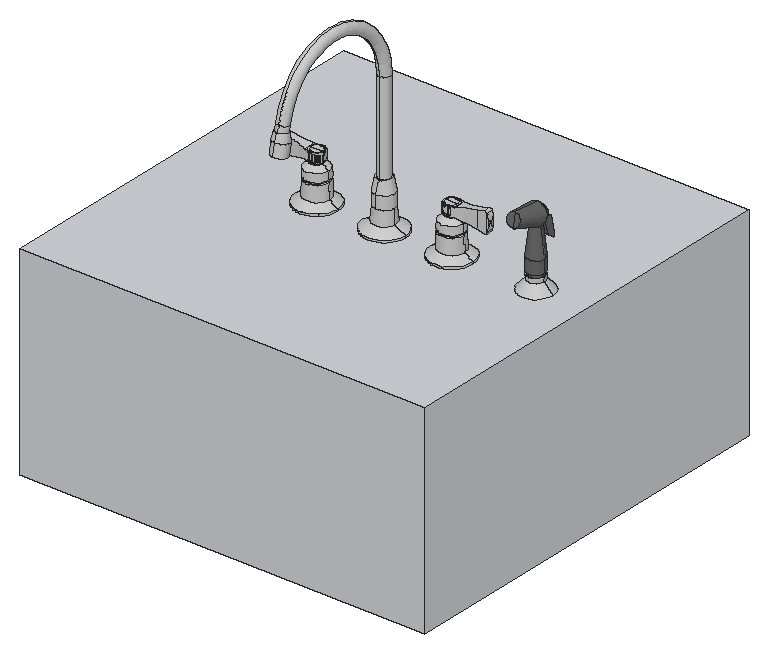
Revit family
Parameters
  Width = 14.5"
  Waste Connection = no
  WFU = 0
  Vent Connection = no
  URL = "www.moencommercial.com"
  Sprayer Offset from Center = 9"
  Model = "8242"
  Manufacturer = "Moen"
  Length = 9.5"
  Keynote = "15410"
  Hot Water Connection Diameter = 0.5"  # 1/2"
  Height = 12.5"
  Handle Type = "2-1/2\" Lever handles with hot and cold color indicators"
  HWFU = 1
  Finish = Moen-Chrome
  Faucet Spout Reach = 8"
  Faucet Spout Height = 7.5"
  Drain Type = "None"
  Domestic Water Flow Rate = 2.2 GPM
  Documentation Link = "http://www.moen.com/shared/pdf/commercial/8242sp.pdf"
  Description = "Two-Handle Kitchen Faucet with Side Spray"
  Default Elevation = 48"
  Cold Water Connection Diameter = 0.5"  # 1/2"
  CWFU = 1
  Assembly Code = "D2010400"
  ADA Compliant = yes
Reference planes (in)
  plane 1 "Center (Front/Back)": y = 0
  plane 2: z = 0
  plane 3 "Center (Left/Right)": x = 0
  plane 4: x = -4
  plane 5: x = 4
  plane 6: x = -7.25
  plane 7: x = 7.25
  plane 8: z = 12.5
  plane 9 "Sprayer Offset": x = 9
Forms (in)
  Extrusion 1, solid
    sketch origin (0, 0, 0) x (1, 0, 0) y (0, 1, 0)
      loop
        line (-12, 12) -> (-12, -12) -> (12, -12) -> (12, 12) -> (-12, 12)
    from 0 to -12
Lines and regions (in)
  Masking region 1
    outline origin (0, 0, 0) x (1, 0, 0) y (0, 1, 0)
      loop
        line (-0.335, -1.20427) -> (-0.335, -7.50378)
        spline (-0.335, -7.50378) -> (-0.42311, -7.64878) -> (-0.44971, -7.81572) -> (-0.41092, -7.98032) -> (-0.31239, -8.11866) -> (-0.16844, -8.21062) -> (0, -8.24284) -> (0.16844, -8.21062) -> (0.31239, -8.11866) -> (0.41092, -7.98032) -> (0.44971, -7.81572) -> (0.42311, -7.64878) -> (0.335, -7.50378)
        line (0.335, -7.50378) -> (0.335, -1.20427)
        arc (0.335, -1.20427) -> (0, 1.25) -> (-0.335, -1.20427) r 1.25
  Masking region 2
    outline origin (-1.50161, 0.00321, 0) x (1, 0, 0) y (0, 1, 0)
      loop
        arc (11.00594, -0.86257) -> (10.5, 1) -> (9.99406, -0.86257) r 1
        line (9.99406, -0.86257) -> (10.1, -1.65643)
        spline (10.1, -1.65643) -> (10.10342, -1.66817) -> (10.11363, -1.67972) -> (10.13045, -1.69086) -> (10.15359, -1.70142) -> (10.18266, -1.71121) -> (10.21716, -1.72005) -> (10.2565, -1.72782) -> (10.3, -1.73435) -> (10.34693, -1.73956) -> (10.39647, -1.74334) -> (10.44779, -1.74564) -> (10.5, -1.74641)
        spline (10.5, -1.74641) -> (10.55221, -1.74564) -> (10.60353, -1.74334) -> (10.65307, -1.73956) -> (10.7, -1.73435) -> (10.7435, -1.72782) -> (10.78284, -1.72005) -> (10.81734, -1.71121) -> (10.84641, -1.70142) -> (10.86955, -1.69086) -> (10.88637, -1.67972) -> (10.89658, -1.66817) -> (10.9, -1.65643)
        line (10.9, -1.65643) -> (11.00594, -0.86257)
  Masking region 3
    outline origin (0, 0, 0) x (1, 0, 0) y (0, 1, 0)
      loop
        arc (-5.23349, 0.20252) -> (-5.43244, 0.19089) -> (-5.63169, 0.18701) r 5.12023
        line (-5.63169, 0.18701) -> (-6.30804, 0.18701) -> (-6.30804, -0.18701) -> (-5.63169, -0.18701)
        arc (-5.63169, -0.18701) -> (-5.43244, -0.19089) -> (-5.23349, -0.20252) r 5.12023
        arc (-5.23349, -0.20252) -> (-2.75, 0) -> (-5.23349, 0.20252) r 1.25
      loop
        spline (5.23342, -0.2029) -> (5.26655, -0.20036) -> (5.29969, -0.19804) -> (5.33285, -0.19595) -> (5.36602, -0.19407) -> (5.39921, -0.19242) -> (5.4324, -0.19098) -> (5.4656, -0.18977) -> (5.49881, -0.18877) -> (5.53203, -0.188) -> (5.56525, -0.18745) -> (5.59847, -0.18712) -> (5.63169, -0.18701)
        line (5.63169, -0.18701) -> (6.2294, -0.18701)
        arc (6.2294, -0.18701) -> (6.2836, -0.16538) -> (6.30804, -0.11239) r 0.07874
        line (6.30804, -0.11239) -> (6.31069, -0.06181)
        arc (6.31069, -0.06181) -> (6.31231, 0) -> (6.31069, 0.06181) r 1.1811
        line (6.31069, 0.06181) -> (6.30804, 0.11239)
        arc (6.30804, 0.11239) -> (6.2836, 0.16538) -> (6.2294, 0.18701) r 0.07874
        line (6.2294, 0.18701) -> (5.63169, 0.18701)
        spline (5.63169, 0.18701) -> (5.59847, 0.18712) -> (5.56525, 0.18745) -> (5.53203, 0.188) -> (5.49881, 0.18877) -> (5.4656, 0.18977) -> (5.4324, 0.19098) -> (5.39921, 0.19242) -> (5.36602, 0.19407) -> (5.33285, 0.19595) -> (5.29969, 0.19804) -> (5.26655, 0.20036) -> (5.23342, 0.2029)
        arc (5.23342, 0.2029) -> (2.75, 0) -> (5.23342, -0.2029) r 1.25
  symbolic lines
    curve 1: arc (-4.17173, -0.39956, 0) -> (-4.14156, -0.41247, 0) -> (-4.11149, -0.42564, 0) r 3.79721
    curve 2: arc (0.335, -0.55702, 0) -> (0, 0.65, 0) -> (-0.335, -0.55702, 0) r 0.65
    curve 3: arc (-0.335, 0, 0) -> (0, 0.335, 0) -> (0.335, 0, 0) r 0.335
    curve 4: spline (-0.335, -7.5913, 0) -> (-0.32359, -7.67668, 0) -> (-0.29012, -7.75625, 0) -> (-0.23688, -7.82458, 0) -> (-0.1675, -7.87701, 0) -> (-0.0867, -7.90997, 0) -> (0, -7.92121, 0) -> (0.0867, -7.90997, 0) -> (0.1675, -7.87701, 0) -> (0.23688, -7.82458, 0) -> (0.29012, -7.75625, 0) -> (0.32359, -7.67668, 0) -> (0.335, -7.5913, 0)
    curve 5: line (-0.335, 0, 0) -> (-0.335, -1.20427, 0)
    curve 6: line (-0.335, -7.5913, 0) -> (-0.335, -7.50378, 0)
    curve 7: line (0.335, 0, 0) -> (0.335, -1.20427, 0)
    curve 8: line (0.335, -7.5913, 0) -> (0.335, -7.50378, 0)
    curve 9: line (8.49244, -0.85936, 0) -> (8.37732, 0.01299, 0)
    curve 10: line (8.37732, 0.01299, 0) -> (8.5349, 0.2817, 0)
    curve 11: line (8.5349, 0.09585, 0) -> (8.5349, 0.78321, 0)
    curve 12: line (8.5349, 0.78321, 0) -> (9.46187, 0.78321, 0)
    curve 13: line (9.50433, -0.85936, 0) -> (9.61946, 0.01299, 0)
    curve 14: line (9.61946, 0.01299, 0) -> (9.46187, 0.2817, 0)
    curve 15: line (9.46187, 0.09585, 0) -> (9.46187, 0.78321, 0)
    curve 16: spline (8.37842, 0.00464, 0) -> (8.40091, 0.04046, 0) -> (8.46359, 0.07377, 0) -> (8.56224, 0.10234, 0) -> (8.69023, 0.12423, 0) -> (8.83894, 0.13799, 0) -> (8.99839, 0.14268, 0) -> (9.15783, 0.13799, 0) -> (9.30654, 0.12423, 0) -> (9.43453, 0.10234, 0) -> (9.53318, 0.07377, 0) -> (9.59586, 0.04046, 0) -> (9.61835, 0.00464, 0)
    curve 17: line (8.5349, 0.49793, 0) -> (9.46187, 0.49793, 0)
    curve 18: line (9.46187, 0.39321, 0) -> (8.5349, 0.39321, 0)
    curve 19: arc (-5.63169, 0.18701, 0) -> (-4.84011, 0.24857, 0) -> (-4.06756, 0.43176, 0) r 5.12023
    curve 20: arc (-5.63169, -0.18701, 0) -> (-4.84011, -0.24857, 0) -> (-4.06756, -0.43176, 0) r 5.12023
    curve 21: arc (-4.06756, -0.43176, 0) -> (-3.56298, 0, 0) -> (-4.06756, 0.43176, 0) r 0.43702
    curve 22: arc (-4.69865, 0.27274, 0) -> (-3.25, 0, 0) -> (-4.69865, -0.27274, 0) r 0.75
    curve 23: spline (5.63169, 0.18701, 0) -> (5.50472, 0.18862, 0) -> (5.37783, 0.19346, 0) -> (5.2511, 0.20151, 0) -> (5.12461, 0.21279, 0) -> (4.99846, 0.22727, 0) -> (4.87271, 0.24495, 0) -> (4.74745, 0.26582, 0) -> (4.62276, 0.28986, 0) -> (4.49872, 0.31706, 0) -> (4.37542, 0.3474, 0) -> (4.25292, 0.38087, 0) -> (4.13131, 0.41743, 0)
    curve 24: spline (4.13131, -0.41743, 0) -> (4.25292, -0.38087, 0) -> (4.37542, -0.3474, 0) -> (4.49872, -0.31706, 0) -> (4.62276, -0.28986, 0) -> (4.74745, -0.26582, 0) -> (4.87271, -0.24495, 0) -> (4.99846, -0.22727, 0) -> (5.12461, -0.21279, 0) -> (5.2511, -0.20151, 0) -> (5.37783, -0.19346, 0) -> (5.50472, -0.18862, 0) -> (5.63169, -0.18701, 0)
    curve 25: arc (4.13131, 0.41743, 0) -> (3.5624, 0, 0) -> (4.13131, -0.41743, 0) r 0.4376
    curve 26: arc (4.69528, -0.28121, 0) -> (3.25, 0.0002, 0) -> (4.69543, 0.28085, 0) r 0.75
Text (in)
  text "Heigth and Width Parameters do not control Model geometry.  If you need to change the size of the model, select the correct model number." at (9.86064, 0, 13.37682), in view "Front"
Dimensions and locks (in)
  locked: plane 4 to plane 3 "Center (Left/Right)" at 4
  locked: plane 5 to plane 3 "Center (Left/Right)" at 4
  equal spacing: plane 7, plane 3 "Center (Left/Right)", plane 6
  "Width": plane 7 to plane 6
  "Height": plane 8 to plane 2
  "Sprayer Offset from Center": plane 3 "Center (Left/Right)" to plane 9 "Sprayer Offset"
  aligned and locked: plane 2 to Extrusion 1
  aligned and locked: level to Extrusion 1
  aligned and locked: plane 9 "Sprayer Offset" to nested 7
  aligned and locked: plane 1 "Center (Front/Back)" to nested 7
Automatic sketch dimensions
  Extrusion 1 sketch curve to Extrusion 1 sketch curve = 24"  (x2)
  Masking region 1 sketch curve to plane 3 "Center (Left/Right)" = 0"  (x2)
  Masking region 1 sketch curve to plane 3 "Center (Left/Right)" = 0.335"
  plane 3 "Center (Left/Right)" to Masking region 1 sketch curve = 0.335"
  Masking region 1 sketch curve to Masking region 1 sketch curve = 0.115"
  Masking region 1 sketch curve to Masking region 1 sketch curve = 6.29951"
  Masking region 1 sketch curve to Masking region 1 sketch curve = 0.29589"
  plane 1 "Center (Front/Back)" to Masking region 1 sketch curve = 0"
  plane 1 "Center (Front/Back)" to Masking region 1 sketch curve = 1.20427"
  Masking region 2 sketch curve to plane 9 "Sprayer Offset" = 0.50756"
  Masking region 2 sketch curve to plane 9 "Sprayer Offset" = 0.40161"
  Masking region 2 sketch curve to plane 9 "Sprayer Offset" = 0.00161"  (x2)
  Masking region 2 sketch curve to plane 1 "Center (Front/Back)" = 0.00321"
  Masking region 2 sketch curve to Masking region 2 sketch curve = 0"  (x2)
  plane 9 "Sprayer Offset" to Masking region 2 sketch curve = 0.50433"
  plane 1 "Center (Front/Back)" to Masking region 2 sketch curve = 0.85936"
  Masking region 2 sketch curve to Masking region 2 sketch curve = 0.79386"
  Masking region 2 sketch curve to Masking region 2 sketch curve = 0.08998"
  Masking region 3 sketch curve to plane 1 "Center (Front/Back)" = 0.20252"
  Masking region 3 sketch curve to plane 4 = 0"
  plane 1 "Center (Front/Back)" to Masking region 3 sketch curve = 0"  (x3)
  Masking region 3 sketch curve to plane 5 = 0"
  Masking region 3 sketch curve to plane 4 = 1.23349"
  plane 1 "Center (Front/Back)" to Masking region 3 sketch curve = 0.18701"  (x2)
  Masking region 3 sketch curve to Masking region 3 sketch curve = 0"  (x6)
  Masking region 3 sketch curve to Masking region 3 sketch curve = 0.67634"
  plane 3 "Center (Left/Right)" to Masking region 3 sketch curve = 0.65821"
  plane 3 "Center (Left/Right)" to Masking region 3 sketch curve = 0.65881"
  Masking region 3 sketch curve to Masking region 3 sketch curve = 1.1312"
  Masking region 3 sketch curve to Masking region 3 sketch curve = 0.10222"  (x2)
  Masking region 3 sketch curve to plane 1 "Center (Front/Back)" = 0.2029"
  plane 7 to Masking region 3 sketch curve = 1.6185"
  plane 7 to Masking region 3 sketch curve = 1.61849"
  Masking region 3 sketch curve to Masking region 3 sketch curve = 0.39827"
  Masking region 3 sketch curve to plane 1 "Center (Front/Back)" = 0.18701"  (x2)
  Masking region 3 sketch curve to Masking region 3 sketch curve = 0.59771"
  Masking region 3 sketch curve to plane 1 "Center (Front/Back)" = 0.10827"
  Masking region 3 sketch curve to Masking region 3 sketch curve = 0.07863"  (x2)
  Masking region 3 sketch curve to plane 1 "Center (Front/Back)" = 0.06181"
  Masking region 3 sketch curve to Masking region 3 sketch curve = 0.00265"  (x2)
  plane 1 "Center (Front/Back)" to Masking region 3 sketch curve = 0.20252"
  Masking region 3 sketch curve to Masking region 3 sketch curve = 4.98219"
  Masking region 3 sketch curve to Masking region 3 sketch curve = 0.05057"
  Masking region 3 sketch curve to Masking region 3 sketch curve = 0.39821"
  curve 2 to curve 3 = 0"  (x2)
  curve 21 to curve 22 = 0"  (x2)
  plane 1 "Center (Front/Back)" to curve 21 = 0"
  curve 21 to plane 4 = 0"
  plane 1 "Center (Front/Back)" to curve 3 = 0"
  curve 3 to plane 3 "Center (Left/Right)" = 0"
  curve 4 to plane 3 "Center (Left/Right)" = 0"
  plane 1 "Center (Front/Back)" to curve 26 = 0"
  curve 26 to plane 5 = 0"
  plane 1 "Center (Front/Back)" to curve 25 = 0"
  curve 21 to plane 4 = 0.06756"
  curve 19 to plane 4 = 0.06756"
  curve 1 to curve 21 = 0.04393"
  curve 1 to curve 1 = 0.06024"
  curve 22 to curve 1 = 0.52692"
  curve 22 to plane 1 "Center (Front/Back)" = 0.27274"
  curve 22 to curve 22 = 0"
  plane 6 to curve 19 = 1.61831"
  curve 20 to curve 19 = 0"
  curve 1 to curve 20 = 0.01831"
  curve 6 to plane 3 "Center (Left/Right)" = 0.335"
  curve 5 to plane 3 "Center (Left/Right)" = 0.335"
  plane 3 "Center (Left/Right)" to curve 23 = 0.65821"
  plane 3 "Center (Left/Right)" to curve 24 = 0.65881"
  plane 5 to curve 25 = 0"
  plane 5 to curve 24 = 0.13131"
  plane 5 to curve 25 = 0.13131"
  plane 1 "Center (Front/Back)" to curve 26 = 0.28121"
  curve 24 to curve 26 = 0.56397"
  curve 26 to plane 1 "Center (Front/Back)" = 0.28085"
  plane 7 to curve 24 = 1.6185"
  plane 7 to curve 23 = 1.61849"
  curve 23 to plane 1 "Center (Front/Back)" = 0.18701"
  curve 26 to curve 23 = 0.93626"
  curve 24 to curve 23 = 0"
  curve 9 to plane 1 "Center (Front/Back)" = 0.01299"
  curve 9 to plane 9 "Sprayer Offset" = 0.62268"
  curve 16 to plane 1 "Center (Front/Back)" = 0.00464"  (x2)
  curve 9 to curve 16 = 0.0011"
  curve 9 to plane 9 "Sprayer Offset" = 0.50756"
  curve 11 to plane 9 "Sprayer Offset" = 0.4651"
  curve 16 to plane 9 "Sprayer Offset" = 0.00161"
  curve 15 to plane 1 "Center (Front/Back)" = 0.09585"
  plane 9 "Sprayer Offset" to curve 15 = 0.46187"
  plane 9 "Sprayer Offset" to curve 13 = 0.50433"
  curve 16 to curve 16 = 0.00003"
  curve 14 to plane 1 "Center (Front/Back)" = 0.01299"
  curve 16 to curve 14 = 0.0011"
  plane 1 "Center (Front/Back)" to curve 24 = 5.69771"
  curve 8 to curve 24 = 1.80607"
  curve 6 to curve 8 = 0"
  curve 8 to curve 8 = 0.08752"
  curve 20 to curve 1 = 1.41003"
  curve 7 to curve 3 = 1.20427"
  curve 5 to curve 7 = 0"
  curve 2 to curve 3 = 0.55702"
  plane 1 "Center (Front/Back)" to curve 24 = 0.41743"
  curve 19 to plane 1 "Center (Front/Back)" = 0.18701"
  curve 11 to curve 10 = 0.18585"
  curve 15 to curve 14 = 0.18585"
  curve 10 to curve 18 = 0.11151"
  curve 18 to curve 17 = 0.10472"
  curve 17 to curve 12 = 0.28528"
Nested families (in)
  nested 1: "Tapered Stand-alone Service Connection" at (-4, 0, 0), type "Tapered Stand-alone Service Connection"
  nested 2: "Tapered Stand-alone Service Connection" at (4, 0, 0), type "Tapered Stand-alone Service Connection"
  nested 3: "Lever Handle - Hot" at (-4, 0, 2.07), type "Lever Handle - Hot"
  nested 4: "Lever Handle - Cold" at (4, 0, 2.07), type "Lever Handle - Cold"
  nested 5: "Widespread Spout Base" at (0, 0, 0), type "Widespread Spout Base"
    with Finish Moen-Chrome
  nested 6: "Gooseneck Spout-S0050" at (0, 0, 1.35) x (0, -1, 0) z (0, 0, 1), Finish <- "Finish", type "Gooseneck Spout-S0050"
    with Finish Moen-Chrome
  nested 7: "Sprayer" at (9, 0, 0), type "Sprayer"
    with Finish Moen-Chrome
Connectors (in)
  piping at (4, 0, -3.3), driven by "Domestic Water Flow Rate"
    settings: on nested 2, index 1
  piping at (-4, 0, -3.3), driven by "Domestic Water Flow Rate"
    settings: on nested 1, index 2
Definition of nested family "Tapered Stand-alone Service Connection"
  Parameters (values of type "Tapered Stand-alone Service Connection")
    Finish [instance] = Moen-Chrome
    Assembly Code = ""
  Reference planes (in)
    plane 1 "Center (Front/Back)": y = 0
    plane 2: z = 0
    plane 3 "Center (Left/Right)": x = 0
  Forms (in)
    Revolve 1, solid, material "Moen-Chrome" <- "Finish"
      sketch origin (0, 0, 0) x (1, 0, 0) y (0, 0, 1)
        loop
          line (0, 0) -> (0, 2.2) -> (-0.375, 2.2) -> (-0.7, 1.95) -> (-0.71625, 1.46247) -> (-0.68019, 1.4) -> (-0.72067, 1.32988) -> (-0.75, 0.45) -> (-1.25, 0.1) -> (-1.25, 0) -> (0, 0)
        axis (0, 2.2) -> (0, 0)
      angle from 0 to 360
    Extrusion 2, solid, material "Default"
      sketch origin (0, 0, 0) x (1, 0, 0) y (0, 1, 0)
        loop
          circle (0, 0) r 0.375
      from 0 to -3.3
  Dimensions and locks (in)
    aligned and locked: Revolve 1 sketch curve to plane 3 "Center (Left/Right)"
Definition of nested family "Lever Handle - Hot"
  Parameters (values of type "Lever Handle - Hot")
    Finish [instance] = Moen-Chrome
    Assembly Code = ""
  Reference planes (in)
    plane 1 "Center (Front/Back)": y = 0
    plane 2: z = 0
    plane 3 "Center (Left/Right)": x = 0
    plane 4: z = 0.81181
    plane 5: z = 0.25324
  Forms (in)
    Revolve 1, solid, material "Moen-Chrome" <- "Finish"
      sketch origin (0, 0, 0) x (1, 0, 0) y (0, 0, 1)
        loop
          line (0.4376, 0.33036) -> (0.4376, 0.73307)
          arc (0.4376, 0.73307) -> (0.41454, 0.78875) -> (0.35886, 0.81181) r 0.07874
          line (0.35886, 0.81181) -> (0, 0.81181) -> (0, 0) -> (0.25935, 0)
          arc (0.25935, 0) -> (0.27327, 0.00577) -> (0.27904, 0.01969) r 0.01969
          line (0.27904, 0.01969) -> (0.27904, 0.2319)
          arc (0.27904, 0.2319) -> (0.2848, 0.24585) -> (0.29875, 0.25162) r 0.01969
          line (0.29875, 0.25162) -> (0.35886, 0.25162)
          arc (0.35886, 0.25162) -> (0.41454, 0.27468) -> (0.4376, 0.33036) r 0.07874
        axis (0, 0.81181) -> (0, 0)
      angle from 0 to 360
    Extrusion 2, solid, material "Moen-Chrome" <- "Finish"
      sketch origin (0, 0, 0) x (1, 0, 0) y (0, 1, 0)
        loop
          arc (-2.2294, 0.18701) -> (-2.2836, 0.16538) -> (-2.30804, 0.11239) r 0.07874
          line (-2.30804, 0.11239) -> (-2.31069, 0.06181)
          arc (-2.31069, 0.06181) -> (-2.31231, 0) -> (-2.31069, -0.06181) r 1.1811
          line (-2.31069, -0.06181) -> (-2.30804, -0.11239)
          arc (-2.30804, -0.11239) -> (-2.2836, -0.16538) -> (-2.2294, -0.18701) r 0.07874
          line (-2.2294, -0.18701) -> (-1.63169, -0.18701)
          spline (-1.63169, -0.18701) -> (-1.50472, -0.18862) -> (-1.37783, -0.19346) -> (-1.2511, -0.20151) -> (-1.12461, -0.21279) -> (-0.99846, -0.22727) -> (-0.87271, -0.24495) -> (-0.74745, -0.26582) -> (-0.62276, -0.28986) -> (-0.49872, -0.31706) -> (-0.37542, -0.3474) -> (-0.25292, -0.38087) -> (-0.13131, -0.41743)
          arc (-0.13131, -0.41743) -> (0.4376, 0) -> (-0.13131, 0.41743) r 0.4376
          spline (-0.13131, 0.41743) -> (-0.25292, 0.38087) -> (-0.37542, 0.3474) -> (-0.49872, 0.31706) -> (-0.62276, 0.28986) -> (-0.74745, 0.26582) -> (-0.87271, 0.24495) -> (-0.99846, 0.22727) -> (-1.12461, 0.21279) -> (-1.2511, 0.20151) -> (-1.37783, 0.19346) -> (-1.50472, 0.18862) -> (-1.6317, 0.18701)
          line (-1.6317, 0.18701) -> (-2.2294, 0.18701)
      from -0.125 to 1.30209
    Extrusion 3, void
      sketch origin (0, 0, 0) x (1, 0, 0) y (0, 0, 1)
        loop
          line (-0.45, 0.81181) -> (-2.10396, 1.12799)
          arc (-2.10396, 1.12799) -> (-2.19114, 1.11403) -> (-2.24432, 1.04356) r 0.11819
          arc (-2.24432, 1.04356) -> (-2.31231, 0.53177) -> (-2.24477, 0.01992) r 1.96688
          arc (-2.24477, 0.01992) -> (-2.19341, -0.04949) -> (-2.10854, -0.0654) r 0.11811
          line (-2.10854, -0.0654) -> (-0.45015, 0.25162) -> (0.35886, 0.25162)
          arc (0.35886, 0.25162) -> (0.41454, 0.27468) -> (0.4376, 0.33036) r 0.07874
          line (0.4376, 0.33036) -> (0.4376, 0.73307)
          arc (0.4376, 0.73307) -> (0.41454, 0.78875) -> (0.35886, 0.81181) r 0.07874
          line (0.35886, 0.81181) -> (-0.45, 0.81181)
        loop
          line (-2.69445, 1.52902) -> (-2.69445, -0.44662) -> (0.68414, -0.44662) -> (0.68414, 1.52902) -> (-2.69445, 1.52902)
      from -1.39793 to 1.33238
  Cuts and joins
    Extrusion 3 cuts Extrusion 2
  Lines and regions (in)
    Split face 1
      outline origin (-2.2294, -0.18701, 1.30209) x (0, 0, -1) y (1, 0, 0)
        loop
          circle (0.77119, 0.29147) r 0.25
    Split face 2
      outline origin (-2.2294, -0.18701, 1.30209) x (0, 0, -1) y (1, 0, 0)
        loop
          line (0.61118, 0.16398) -> (0.92368, 0.16398) -> (0.92368, 0.22406) -> (0.79959, 0.22406) -> (0.79959, 0.35889) -> (0.92368, 0.35889) -> (0.92368, 0.4183) -> (0.61118, 0.4183) -> (0.61118, 0.35889) -> (0.74419, 0.35889) -> (0.74419, 0.22406) -> (0.61118, 0.22406) -> (0.61118, 0.16398)
    symbolic lines
      curve 1: line (-2.30804, 0.18701, 0) -> (-2.30804, -0.18701, 0)
      curve 2: line (-2.30804, -0.18701, 0) -> (-1.63169, -0.18701, 0)
      curve 3: line (-1.63169, 0.18701, 0) -> (-2.30804, 0.18701, 0)
      curve 4: arc (-1.63169, -0.18701, 0) -> (-0.84011, -0.24857, 0) -> (-0.06756, -0.43176, 0) r 5.12023
      curve 5: arc (-1.63169, 0.18701, 0) -> (-0.84011, 0.24857, 0) -> (-0.06756, 0.43176, 0) r 5.12023
      curve 6: arc (-0.06756, -0.43176, 0) -> (0.43702, 0, 0) -> (-0.06756, 0.43176, 0) r 0.43702
Definition of nested family "Lever Handle - Cold"
  Parameters (values of type "Lever Handle - Cold")
    Finish [instance] = Moen-Chrome
    Assembly Code = ""
  Reference planes (in)
    plane 1 "Center (Front/Back)": y = 0
    plane 2: z = 0
    plane 3 "Center (Left/Right)": x = 0
    plane 4: z = 0.81181
    plane 5: z = 0.25324
  Forms (in)
    Revolve 1, solid, material "Moen-Chrome" <- "Finish"
      sketch origin (0, 0, 0) x (-1, 0, 0) y (0, 0, 1)
        loop
          line (0.4376, 0.33036) -> (0.4376, 0.73307)
          arc (0.4376, 0.73307) -> (0.41454, 0.78875) -> (0.35886, 0.81181) r 0.07874
          line (0.35886, 0.81181) -> (0, 0.81181) -> (0, 0) -> (0.25935, 0)
          arc (0.25935, 0) -> (0.27327, 0.00577) -> (0.27904, 0.01969) r 0.01969
          line (0.27904, 0.01969) -> (0.27904, 0.2319)
          arc (0.27904, 0.2319) -> (0.2848, 0.24585) -> (0.29875, 0.25162) r 0.01969
          line (0.29875, 0.25162) -> (0.35886, 0.25162)
          arc (0.35886, 0.25162) -> (0.41454, 0.27468) -> (0.4376, 0.33036) r 0.07874
        axis (0, 0.81181) -> (0, 0)
      angle from 0 to 360
    Extrusion 2, solid, material "Moen-Chrome" <- "Finish"
      sketch origin (0, 0, 0) x (-1, 0, 0) y (0, -1, 0)
        loop
          arc (-2.2294, 0.18701) -> (-2.2836, 0.16538) -> (-2.30804, 0.11239) r 0.07874
          line (-2.30804, 0.11239) -> (-2.31069, 0.06181)
          arc (-2.31069, 0.06181) -> (-2.31231, 0) -> (-2.31069, -0.06181) r 1.1811
          line (-2.31069, -0.06181) -> (-2.30804, -0.11239)
          arc (-2.30804, -0.11239) -> (-2.2836, -0.16538) -> (-2.2294, -0.18701) r 0.07874
          line (-2.2294, -0.18701) -> (-1.63169, -0.18701)
          spline (-1.63169, -0.18701) -> (-1.50472, -0.18862) -> (-1.37783, -0.19346) -> (-1.2511, -0.20151) -> (-1.12461, -0.21279) -> (-0.99846, -0.22727) -> (-0.87271, -0.24495) -> (-0.74745, -0.26582) -> (-0.62276, -0.28986) -> (-0.49872, -0.31706) -> (-0.37542, -0.3474) -> (-0.25292, -0.38087) -> (-0.13131, -0.41743)
          arc (-0.13131, -0.41743) -> (0.4376, 0) -> (-0.13131, 0.41743) r 0.4376
          spline (-0.13131, 0.41743) -> (-0.25292, 0.38087) -> (-0.37542, 0.3474) -> (-0.49872, 0.31706) -> (-0.62276, 0.28986) -> (-0.74745, 0.26582) -> (-0.87271, 0.24495) -> (-0.99846, 0.22727) -> (-1.12461, 0.21279) -> (-1.2511, 0.20151) -> (-1.37783, 0.19346) -> (-1.50472, 0.18862) -> (-1.6317, 0.18701)
          line (-1.6317, 0.18701) -> (-2.2294, 0.18701)
      from -0.125 to 1.30209
    Extrusion 3, void
      sketch origin (0, 0, 0) x (-1, 0, 0) y (0, 0, 1)
        loop
          line (-0.45, 0.81181) -> (-2.10396, 1.12799)
          arc (-2.10396, 1.12799) -> (-2.19114, 1.11403) -> (-2.24432, 1.04356) r 0.11819
          arc (-2.24432, 1.04356) -> (-2.31231, 0.53177) -> (-2.24477, 0.01992) r 1.96688
          arc (-2.24477, 0.01992) -> (-2.19341, -0.04949) -> (-2.10854, -0.0654) r 0.11811
          line (-2.10854, -0.0654) -> (-0.45015, 0.25162) -> (0.35886, 0.25162)
          arc (0.35886, 0.25162) -> (0.41454, 0.27468) -> (0.4376, 0.33036) r 0.07874
          line (0.4376, 0.33036) -> (0.4376, 0.73307)
          arc (0.4376, 0.73307) -> (0.41454, 0.78875) -> (0.35886, 0.81181) r 0.07874
          line (0.35886, 0.81181) -> (-0.45, 0.81181)
        loop
          line (-2.69445, 1.52902) -> (-2.69445, -0.44662) -> (0.68414, -0.44662) -> (0.68414, 1.52902) -> (-2.69445, 1.52902)
      from -1.39793 to 1.33238
  Cuts and joins
    Extrusion 3 cuts Extrusion 2
  Lines and regions (in)
    Split face 1
      outline origin (1.6317, -0.18701, 1.30209) x (0, 0, -1) y (1, 0, 0)
        loop
          circle (0.77119, 0.30384) r 0.25
    Split face 2
      outline origin (1.6317, -0.18701, 1.30209) x (0, 0, -1) y (1, 0, 0)
        loop
          line (0.88167, 0.41433) -> (0.83748, 0.37013)
          arc (0.83748, 0.37013) -> (0.77119, 0.21009) -> (0.7049, 0.37013) r 0.09375
          line (0.7049, 0.37013) -> (0.6607, 0.41433)
          arc (0.6607, 0.41433) -> (0.77119, 0.14759) -> (0.88167, 0.41433) r 0.15625
Definition of nested family "Widespread Spout Base"
  Parameters (values of type "Widespread Spout Base")
    Finish [instance] = Moen-Chrome
  Reference planes (in)
    plane 1 "Center (Front/Back)": y = 0
    plane 2: z = 0
    plane 3 "Center (Left/Right)": x = 0
  Forms (in)
    Revolve 1, solid, material "Moen-Chrome" <- "Finish"
      sketch origin (0, 0, 0) x (1, 0, 0) y (0, 0, 1)
        loop
          line (0, 0) -> (0, 1.35) -> (-0.6, 1.35) -> (-0.65, 0.5) -> (-1.25, 0.1) -> (-1.25, 0) -> (0, 0)
        axis (0, 1.35) -> (0, 0)
      angle from 0 to 360
  Dimensions and locks (in)
    locked: Revolve 1 sketch curve to plane 2 at 1.35
    locked: plane 3 "Center (Left/Right)" to Revolve 1 sketch curve at 1.25
    locked: Revolve 1 sketch curve to plane 2 at 0.1
    locked: plane 3 "Center (Left/Right)" to Revolve 1 sketch curve at 0.6
    locked: Revolve 1 sketch curve to plane 2 at 0.5
    locked: plane 3 "Center (Left/Right)" to Revolve 1 sketch curve at 0.65
    aligned and locked: plane 3 "Center (Left/Right)" to Revolve 1 sketch curve
    aligned and locked: plane 2 to Revolve 1 sketch curve
    aligned and locked: Revolve 1 sketch curve to plane 3 "Center (Left/Right)"
Definition of nested family "Gooseneck Spout-S0050"
  Parameters (values of type "Gooseneck Spout-S0050")
    Width = 0"
    Straight Spout Height = Height - Deck Height - Spout Radius - Curve Radius  # 6.923"
    Spout Radius = 0.335"
    Length = 0"
    Height = 12"
    Finish [instance] = Moen-Chrome
    Faucet Spout Reach = 8"
    Faucet Spout Height = 7"
    Deck Height = 0.95"  # constant formula
    Curve Radius = Faucet Spout Reach * 0.474  # 3.792"
    Curve Angle = 170.00°  # constant formula
  Reference planes (in)
    plane 1 "Center (Front/Back)": y = 0
    plane 2: z = 0
    plane 3 "Center (Left/Right)": x = 0
    plane 4 "Spout Reach": x = 8
    plane 5 "Overall Height": z = 11.05
    plane 6 "Deck Height": z = -0.95
    plane 7 "Spout Straight Height": z = 6.923
    plane 8 "Aerator Height": z = 6.05
  Forms (in)
    Sweep 1, solid, material "Moen-Chrome" <- "Finish"
      path origin (0, 0, 0) x (1, 0, 0) y (0, 0, 1)
        loop
          line (0, 0) -> (0, 6.923)
          arc (0, 6.923) -> (3.46151, 10.70057) -> (7.52639, 7.58147) r 3.792
          line (7.52639, 7.58147) -> (7.79968, 6.0316)
      profile origin (0, 0, 3.4615) x (-1, 0, 0) y (0, -1, 0)
        loop
          circle (0, 0) r 0.335
    Revolve 2, solid, material "Moen-Chrome" <- "Finish"
      sketch origin (0, 0, 0) x (1, 0, 0) y (0, 0, 1)
        loop
          line (0, 0) -> (0, 1.5) -> (-0.44, 1.5) -> (-0.6, 0.75) -> (-0.6, 0) -> (0, 0)
        axis (0, 1.5) -> (0, 0)
      angle from 0 to 360
    Revolve 3, solid, material "Moen-Chrome" <- "Finish"
      sketch origin (0, 0, 0) x (1, 0, 0) y (0, 0, 1)
        loop
          line (7.79968, 6.0316) -> (7.5913, 7.21337) -> (7.22199, 7.14825) -> (7.23496, 6.64282) -> (7.35651, 5.95346) -> (7.79968, 6.0316)
        axis (7.5913, 7.21337) -> (7.79968, 6.0316)
      angle from 0 to 360
  Cuts and joins
    joined: Sweep 1, Revolve 2, Revolve 3
  Lines and regions (in)
    reference lines
      curve 1: arc (0, 0, 6.923) -> (3.46151, 0, 10.70057) -> (7.52639, 0, 7.58147) r 3.792
      curve 2: line (7.52639, 0, 7.58147) -> (7.79643, 0, 6.05)
  Dimensions and locks (in)
    "Deck Height": plane 6 "Deck Height" to plane 2
    "Height": plane 5 "Overall Height" to plane 6 "Deck Height"
    "Faucet Spout Height": plane 8 "Aerator Height" to plane 6 "Deck Height"
    "Straight Spout Height": plane 7 "Spout Straight Height" to plane 2
    "Faucet Spout Reach": plane 4 "Spout Reach" to plane 3 "Center (Left/Right)"
    locked: Revolve 2 sketch curve to Revolve 2 sketch curve at 0.6
    locked: Revolve 2 sketch curve to Revolve 2 sketch curve at 1.5
    locked: Revolve 2 sketch curve to Revolve 2 sketch curve at 0.75
    locked: Revolve 2 sketch curve to Revolve 2 sketch curve at 0.44
    locked: Revolve 3 sketch curve to Revolve 3 sketch curve at 0.45
    locked: Revolve 3 sketch curve to Revolve 3 sketch curve at 1.2
    locked: Revolve 3 sketch curve to Revolve 3 sketch curve at 0.7
    locked: Revolve 3 sketch curve to Revolve 3 sketch curve at 0.375
    "Curve Radius": radius of curve 1
    "Spout Radius": radius of Sweep 1 sketch curve
    "Curve Angle": angle curve 1 to curve 1
    aligned and locked: plane 7 "Spout Straight Height" to curve 1
    aligned and locked: plane 3 "Center (Left/Right)" to curve 1
    aligned and locked: Revolve 2 sketch curve to plane 3 "Center (Left/Right)"
    aligned and locked: plane 3 "Center (Left/Right)" to Revolve 2 sketch curve
    aligned and locked: plane 2 to Revolve 2 sketch curve
    aligned and locked: Revolve 3 sketch curve to Sweep 1
    aligned and locked: plane 8 "Aerator Height" to curve 2
    aligned and locked: Sweep 1 sketch curve to curve 1
    aligned and locked: Revolve 3 sketch curve to curve 2  (x2)
  Automatic sketch dimensions
    Sweep 1 sketch curve to level = 0"
    Sweep 1 sketch curve to plane 4 "Spout Reach" = 0.47361"
    Sweep 1 sketch curve to plane 4 "Spout Reach" = 0.20032"
    Sweep 1 sketch curve to plane 8 "Aerator Height" = 0.0184"
    plane 1 "Center (Front/Back)" to Sweep 1 sketch curve = 0"
    Sweep 1 sketch curve to profile plane = 0"
    plane 6 "Deck Height" to Revolve 2 sketch curve = 0.45"
    Revolve 2 sketch curve to Revolve 2 sketch curve = 0.5"
    Revolve 3 sketch curve to plane 4 "Spout Reach" = 0.54384"
    Revolve 3 sketch curve to plane 4 "Spout Reach" = 0.15314"
    curve 2 to plane 4 "Spout Reach" = 0.20357"
Definition of nested family "Sprayer"
  Parameters
    Finish [instance] = Moen-Chrome
  Reference planes (in)
    plane 1 "Center (Front/Back)": y = 0
    plane 2: z = 0
    plane 3 "Center (Left/Right)": x = 0
    plane 4 "Top of Sprayer Base": z = 0.82
    plane 5 "Bottom of Sprayer": z = 1.01
    plane 6: z = 4.01
    plane 7 "Sprayer Radius": x = -0.5
  Forms (in)
    Revolve 1, solid, material "Moen-Chrome" <- "Finish"
      sketch origin (0, 0, 0) x (1, 0, 0) y (0, 0, 1)
        loop
          line (0, 0.82) -> (-0.5, 0.82) -> (-0.48684, 0.57) -> (-1, 0) -> (0, 0) -> (0, 0.82)
        axis (0, 0.82) -> (0, 0)
      angle from 0 to 360
    Revolve 2, solid, material "Moen-Black"
      sketch origin (0, 0, 0) x (0, 1, 0) y (0, 0, 1)
        loop
          line (-1.65643, 4.39242) -> (0.40924, 3.91552) -> (0.49472, 4.28578) -> (0.13947, 4.61411) -> (-1.56645, 4.78216) -> (-1.65643, 4.39242)
        axis (-1.65643, 4.39242) -> (0.40924, 3.91552)
      angle from 0 to 360
    Extrusion 3, solid, material "Moen-Black"
      sketch origin (0, 0, 0) x (0, 1, 0) y (0, 0, 1)
        loop
          line (0.78, 2.59) -> (0.78, 2.84) -> (0.49472, 3.89579) -> (0, 4.01) -> (0.39, 2.85) -> (0.78, 2.59)
      from 0.46 to -0.46
    Revolve 4, solid, material "Moen-Black"
      sketch origin (0, 0, 0) x (1, 0, 0) y (0, 0, 1)
        loop
          line (-0.43, 1.01) -> (-0.42, 0.82) -> (0, 0.82) -> (0, 4.01) -> (-0.25, 4.01) -> (-0.5, 1.76) -> (-0.5, 1.01) -> (-0.43, 1.01)
        axis (0, 0.82) -> (0, 4.01)
      angle from 0 to 360
  Lines and regions (in)
    reference lines
      curve 1: line (0, 0, 4.01) -> (0, -1.65643, 4.39242)
  Dimensions and locks (in)
    locked: plane 4 "Top of Sprayer Base" to plane 2 at 0.82
    locked: plane 5 "Bottom of Sprayer" to plane 4 "Top of Sprayer Base" at 0.19
    locked: plane 6 to plane 5 "Bottom of Sprayer" at 3
    locked: plane 3 "Center (Left/Right)" to plane 7 "Sprayer Radius" at 0.5
    locked: plane 3 "Center (Left/Right)" to Revolve 1 sketch curve at 1
    locked: plane 3 "Center (Left/Right)" to Revolve 1 sketch curve at 0.48684
    locked: Revolve 1 sketch curve to plane 2 at 0.57
    locked: curve 1 to curve 1 at 1.7
    locked: Revolve 2 sketch curve to curve 1 at 0.4
    locked: Revolve 2 sketch curve to curve 1 at 0.62
    locked: Revolve 2 sketch curve to curve 1 at 0.38
    locked: curve 1 to Revolve 2 sketch curve at 1.7
    locked: Revolve 2 sketch curve to curve 1 at 0.42
    locked: Extrusion 3 sketch curve to Extrusion 3 sketch curve at 0.25
    locked: Extrusion 3 sketch curve to plane 5 "Bottom of Sprayer" at 1.58
    locked: plane 1 "Center (Front/Back)" to Extrusion 3 sketch curve at 0.49472
    locked: plane 1 "Center (Front/Back)" to Extrusion 3 sketch curve at 0.39
    locked: plane 1 "Center (Front/Back)" to Extrusion 3 sketch curve at 0.78
    locked: Extrusion 3 sketch curve to plane 5 "Bottom of Sprayer" at 1.84
    locked: curve 1 to plane 6 (angle 13.00°)
    locked: Extrusion 3 sketch curve to plane 6 (angle 13.00°)
    aligned and locked: Revolve 1 sketch curve to plane 3 "Center (Left/Right)"  (x2)
    aligned and locked: plane 2 to Revolve 1 sketch curve
    aligned and locked: plane 6 to curve 1
    aligned and locked: plane 1 "Center (Front/Back)" to curve 1
    aligned and locked: Revolve 2 sketch curve to Revolve 2 sketch curve
    aligned and locked: Revolve 2 sketch curve to curve 1
    aligned and locked: plane 1 "Center (Front/Back)" to Extrusion 3 sketch curve  (x2)
    aligned and locked: plane 6 to Extrusion 3 sketch curve
    aligned and locked: plane 4 "Top of Sprayer Base" to Revolve 4 sketch curve
    aligned and locked: Revolve 4 sketch curve to plane 3 "Center (Left/Right)"
    aligned and locked: plane 6 to Revolve 4 sketch curve
    aligned and locked: plane 3 "Center (Left/Right)" to Revolve 4 sketch curve
